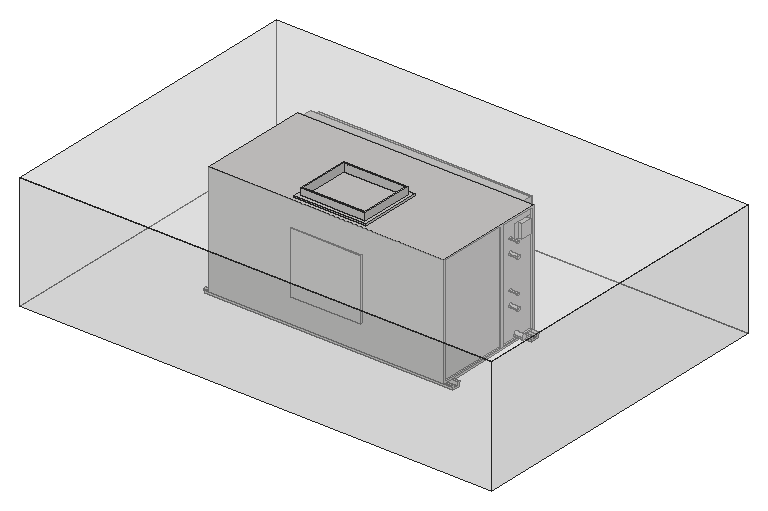
Revit family "outputfile", category 機械設備, Revit 2024
Family settings
  丸型コネクタ寸法 = 半径を使用
  パーツ タイプ = 標準
  OmniClass 番号 = 23.75.10.24.21.27.27
  OmniClass タイトル = Split System Air Conditioning Units
  作業面ベース = いいえ
  常に垂直 = はい
  ロード時にボイドで切り取り = いいえ
  注釈の向きを維持 = いいえ
  共有 = いいえ
  部屋計算ポイント = はい
Parameters (values of type "FBVN200H2BY1C")
  Description = ""
  書き出し IFC クラス(タイプ) = "IfcUnitaryEquipmentType"
  定義済み IFC タイプ(タイプ) = "AIRCONDITIONINGUNIT"
  Cost = 0
  Type Comments = ""
  Keynote = ""
  Type Image = (empty or 0)
  Assembly Code = ""
  switch_frequency = yes
  lw_power = 910 mm
  lw_frontpanel = 534 mm
  lw_box = 20 mm
  lw_RA = 865 mm
  lh_liquidpipe_2 = 738 mm
  lh_height_SA = 408 mm
  lh_ld_mountinghole_height = 35 mm
  lh_height_RA = 747 mm
  lh_hangerfixture = 35 mm
  lh_gaspipe_2 = 638 mm
  lh_frontpanel_bottom = 227 mm
  lh_frontpanel = 468 mm
  lh_box_top = 65 mm
  lh_box = 105 mm
  lh_SA = 945 mm
  lh_RA = 476.5 mm
  ld_void_top = if(Height = 1231 mm, 10 mm, 9 mm)  # 9 mm
  ld_void_right = if(Height = 1231 mm, 10 mm, 9 mm)  # 9 mm
  ld_void_middle = if(Height = 1231 mm, 10 mm, 18 mm)  # 18 mm
  ld_void_length = if(Height = 1231 mm, 680.2 mm, 535.5 mm)  # 535.5 mm
  ld_void_left = if(Height = 1231 mm, 10 mm, 9 mm)  # 9 mm
  ld_void_bottom = if(Height = 1231 mm, 10 mm, 6 mm)  # 6 mm
  ld_frontpanel = 19 mm
  ld_depth_SA = 264 mm
  ld_depth_RA = 130 mm
  ld_box_left = 687 mm
  ld_box = 144.4 mm
  connector_voltage = 0 V
  connector_powerinput = [Power Input (Cooling)]  # 19.700 kW
  connector_phase = 1
  製造元 = "Daikin"
  モデル = "FBVN200H2BY1C"
  w_pipe = 33 mm
  r_Liquid Pipe Size = Liquid Pipe Size / 2  # 6.35 mm
  r_Gas Pipe Size = Gas Pipe Size / 2  # 12.7 mm
  r_Drain Pipe Size = Drain Pipe Size / 2  # 17.0 mm
  lw_powersupply = lw_power  # 910 mm
  lw_width_RA = 1624 mm
  lw_width_SA = 474 mm
  lh_suctionflange [instance] = 100 mm
  ld_suctionflange [instance] = 190 mm
  ld_powersupply = 334 mm
  angle_vertical_RA [instance] = 90.00°
  angle horizontal_RA [instance] = 180.00°
  Voltage_comment_50Hz = "380 - 415"
  Voltage_50Hz = 400 V
  URL = ""
  Sound Power Level_H speed (dB) = 0
  Phase_50Hz = 3
  Minimum External Static Pressure = 0.00 Pa
  Minimum Circuit Amps_50Hz = 0.0 A
  Maximum Fuse Amps_50Hz = 0.0 A
  Maximum External Static Pressure = 150.00 Pa
  Material_Casing = DAIKIN_GalvanizedSteel_Casing_indoorunit
  lw_liquidpipe = 945.5 mm
  lw_gaspipe = 947 mm
  lw_mountinghole_pitch = 1854 mm
  lw_mountinghole = 1894 mm
  lw_drainpipe = 947 mm
  lh_powersupply = 715 mm
  lh_liquidpipe = 382 mm
  lh_gaspipe = 282 mm
  lh_mountinghole = 9 mm
  lh_drainpipe = 65 mm
  lh_antena = 877 mm
  ld_liquidpipe = 223 mm
  ld_gaspipe = 223 mm
  ld_mountinghole_pitch = 754.6 mm
  ld_drainpipe = 276 mm
  ld_controlbox = 626 mm
  h*** = 0 mm  # constant formula
  d_dischargeflange = 60 mm
  Width = 1794 mm
  Version = "ver.1.0"
  Unit Type = "Duct"
  Unit Mass Weight = 196.00 kg
  Unit Designation [instance] = ""
  Uniclass2015Version = "Products v1.30"
  Uniclass2015Title = "Split coil room air conditioning units"
  Uniclass2015Code = "Pr_70_65_03_86"
  Total Cooling Capacity [instance] = 0.000 kW
  Sound Pressure Level_M speed (dBA) = 0
  Sound Pressure Level_L speed (dBA) = 0
  Sound Pressure Level_H speed (dBA) = 61
  Series = "Package Aircon_Fan Coil Unit"
  Sensible Cooling Capacity [instance] = 0.000 kW
  SA Duct Size Width = 474 mm
  SA Duct Size Height = 408 mm
  Refrigerant Type = "R410A"
  RA Duct Size Width = 1624 mm
  RA Duct Size Height = 747 mm
  Power Input (Cooling) = 19.700 kW
  Option Accessory 3 [instance] = ""
  Option Accessory 2 [instance] = ""
  Option Accessory 1 [instance] = ""
  Nominal Cooling Capacity = 58.600 kW
  Minimum Airflow = 0.00 m³/h
  Median Airflow = 0.00 m³/h
  Maximum Airflow = 10194.00 m³/h
  Load Classification = HVAC
  Liquid Pipe Size = 12.7 mm
  Link_Nested Family [instance] = ""
  IfcVersion = ""
  IfcExportType = "AIRCONDITIONINGUNIT"
  IfcExportAs = "IfcUnitaryEquipmentType"
  Height = 885 mm
  Heat Exchanger Type = "Cross Fin Coil"
  Gas Pipe Size = 25.4 mm
  Frequency_50Hz = 50 Hz
  Fan Type = "Sirocco Fan"
  Fan Drive = "-"
  FCU Tag No. [instance] = ""
  Drain Pipe Size = 34.0 mm
  Design Supply Airflow [instance] = 0.00 m³/h
  Design Return Airflow [instance] = 0.00 m³/h
  Design External Static Pressure [instance] = 0.00 Pa
  Depth = 850 mm
  既定の高さ = 0 mm
  Cooling Entering Wet Bulb Temperature [instance] = 0.00 °C
  Cooling Entering Dry Bulb Temperature [instance] = 0.00 °C
  Cooling Ambient Wet Bulb Temperature [instance] = 0.00 °C
  Cooling Ambient Dry Bulb Temperature [instance] = 0.00 °C
  Clearance visibility [instance] = yes
  Clearance Top = 0 mm
  Clearance Right = 1000 mm
  Clearance Rear = 800 mm
  Clearance Left = 800 mm
  Clearance Front = 800 mm
  Clearance Bottom = 0 mm
Reference planes
  plane 1 "Center (Front/Back)": y = 0
  plane 2: z = 0
  plane 3 "Center (Left/Right)": x = 0
  plane 4 "Back": y = 425
  plane 5 "Front": y = -425
  plane 6 "Left": x = -897
  plane 7 "Right": x = 897
  plane 8 "Top": z = 0
  plane 9 "Bottom": z = -885
  plane 10: z = -503
  plane 11: z = -603
  plane 12: x = -927
  plane 13: x = 927
  plane 14: x = 945.5
  plane 15: x = 947
  plane 16: z = -876
  plane 17 "Clearance Left": x = -1697
  plane 18 "Clearance Right": x = 1897
  plane 19 "Clearance Rear": y = 1225
  plane 20 "Clearance Front": y = -1225
  plane 21 "Clearance Bottom": z = -885
  plane 22: z = -820
  plane 23 "ld_gas": y = 223
  plane 24: y = 223
  plane 25: y = -30
  plane 26: y = 276
  plane 27: y = 235
  plane 28: x = 947
  plane 29: y = 377.3
  plane 30: y = -377.3
  plane 31: y = -161
  plane 32: y = 555
  plane 33 "Clearance Top": z = 0
  plane 34: z = -170
  plane 35: y = 334
  plane 36 "hangerfixture": z = -850
  plane 37 "lh_SA": z = 60
  plane 38 "lh_RA": z = -408.5
  plane 39 "RA_center": x = -32
  plane 40: x = 883
  plane 41: x = 917
  plane 42: y = 262
  plane 43: y = 292
  plane 44: y = 376.4
  plane 45: y = 406.4
  plane 46 "box_bottom": z = -170
  plane 47 "box_top": z = -65
  plane 48: x = -267
  plane 49: x = 267
  plane 50: y = -434
  plane 51: y = -415
  plane 52 "lw_power": x = 910
  plane 53: z = -147
  plane 54: z = -247
  plane 55: z = -658
  plane 56: z = -190
  plane 57: y = -416
  plane 58: y = 119.5
  plane 59: y = 137.5
  plane 60: y = 416
  plane 61: z = -9
  plane 62: z = -844
  plane 63: x = 877
  plane 64: x = -877
Forms (mm)
  Extrusion 1, solid, material "DAIKIN_GalvanizedSteel_Casing_indoorunit" <- "Material_Casing"
    sketch origin (0, -0.8, 0) x (1, 0, 0) y (0, 1, 0)
      loop
        line (-897, -424.2) -> (897, -424.2) -> (897, 425.8) -> (-897, 425.8) -> (-897, -424.2)
    from -850 to 0
  Revolve 2, solid, material "DAIKIN_GalvanizedSteel_Casing_indoorunit" <- "Material_Casing"
    sketch origin (0, 0, -603) x (0, -1, 0) y (1, 0, 0)
      loop
        line (-210.3, 877) -> (-210.3, 947) -> (-223, 947) -> (-223, 877) -> (-210.3, 877)
      axis (-223, 877) -> (-223, 947)
    angle from 0 to 360
  Revolve 3, solid, material "DAIKIN_GalvanizedSteel_Casing_indoorunit" <- "Material_Casing"
    sketch origin (0, 0, -503) x (0, -1, 0) y (1, 0, 0)
      loop
        line (-223, 877) -> (-223, 945.5) -> (-229.35, 945.5) -> (-229.35, 877) -> (-223, 877)
      axis (-223, 945.5) -> (-223, 877)
    angle from 0 to 360
  Extrusion 4, solid, material "DAIKIN_GalvanizedSteel_Casing_indoorunit" <- "Material_Casing"
    sketch origin (0, 0, 0) x (0, 1, 0) y (0, 0, 1)
      loop
        circle (276, -820) r 17
    from 947 to 877
  Extrusion 5, solid, material "DAIKIN_GalvanizedSteel_Casing_indoorunit" <- "Material_Casing"
    sketch origin (0, 0, 0) x (1, 0, 0) y (0, 1, 0)
      loop
        line (877, 262) -> (883, 262) -> (883, 292) -> (917, 292) -> (917, 376.4) -> (883, 376.4) -> (883, 406.4) -> (877, 406.4) -> (877, 262)
    from -170 to -65
  Extrusion 6, solid, material "DAIKIN_GalvanizedSteel_Casing_indoorunit" <- "Material_Casing"
    sketch origin (0, 0, -885) x (-1, 0, 0) y (0, -1, 0)
      loop
        line (267, 415) -> (267, 434) -> (-267, 434) -> (-267, 415) -> (267, 415)
    from 227 to 695
  Revolve 7, solid, material "DAIKIN_GalvanizedSteel_Casing_indoorunit" <- "Material_Casing"
    sketch origin (0, 0, -247) x (0, -1, 0) y (1, 0, 0)
      loop
        line (-210.3, 877) -> (-210.3, 947) -> (-223, 947) -> (-223, 877) -> (-210.3, 877)
      axis (-223, 877) -> (-223, 947)
    angle from 0 to 360
  Revolve 8, solid, material "DAIKIN_GalvanizedSteel_Casing_indoorunit" <- "Material_Casing"
    sketch origin (0, 0, -147) x (0, -1, 0) y (1, 0, 0)
      loop
        line (-223, 877) -> (-223, 945.5) -> (-229.35, 945.5) -> (-229.35, 877) -> (-223, 877)
      axis (-223, 945.5) -> (-223, 877)
    angle from 0 to 360
  Extrusion 9, void
    sketch origin (897, 0, 0) x (0, 1, 0) y (0, 0, 1)
      loop
        line (-416, -9) -> (-416, -844) -> (119.5, -844) -> (119.5, -9) -> (-416, -9)
      loop
        line (137.5, -9) -> (137.5, -844) -> (416, -844) -> (416, -9) -> (137.5, -9)
    from 0 to -20
  Extrusion 10, void
    sketch origin (-897, 0, 0) x (0, 1, 0) y (0, 0, 1)
      loop
        line (-416, -9) -> (-416, -844) -> (119.5, -844) -> (119.5, -9) -> (-416, -9)
      loop
        line (137.5, -9) -> (137.5, -844) -> (416, -844) -> (416, -9) -> (137.5, -9)
    from 0 to 20
Cuts and joins
  Extrusion 9, Extrusion 10 cuts Extrusion 1
  Extrusion 9, Extrusion 10 cuts Extrusion 6
Dimensions and locks
  equal spacing: plane 12, plane 3 "Center (Left/Right)", plane 13
  "lw_mountinghole_pitch": plane 12 to plane 13
  "lh_liquidpipe": plane 10 to plane 9 "Bottom"
  "lh_gaspipe": plane 11 to plane 9 "Bottom"
  equal spacing: plane 6 "Left", plane 3 "Center (Left/Right)", plane 7 "Right"
  "Width": plane 6 "Left" to plane 7 "Right"
  "Clearance Right": plane 7 "Right" to plane 18 "Clearance Right"
  "Clearance Left": plane 17 "Clearance Left" to plane 6 "Left"
  "Clearance Rear": plane 19 "Clearance Rear" to plane 4 "Back"
  "Clearance Front": plane 5 "Front" to plane 20 "Clearance Front"
  "Depth": plane 4 "Back" to plane 5 "Front"
  equal spacing: plane 4 "Back", plane 1 "Center (Front/Back)", plane 5 "Front"
  "ld_suctionflange": plane 4 "Back" to plane 27
  "r_Liquid Pipe Size": nested 5 to Revolve 3 sketch curve
  equal spacing: plane 29, plane 1 "Center (Front/Back)", plane 30
  "ld_mountinghole_pitch": plane 29 to plane 30
  "lw_liquidpipe": plane 3 "Center (Left/Right)" to plane 14
  "lw_gaspipe": plane 3 "Center (Left/Right)" to plane 15
  "lw_drainpipe": plane 3 "Center (Left/Right)" to plane 28
  "lh_drainpipe": plane 22 to plane 9 "Bottom"
  "Clearance Top": plane 33 "Clearance Top" to plane 8 "Top"
  "Clearance Bottom": plane 9 "Bottom" to plane 21 "Clearance Bottom"
  "lh_powersupply": plane 34 to plane 9 "Bottom"
  plane 8 "Top" to level = 0 mm
  "lh_hangerfixture": plane 36 "hangerfixture" to plane 9 "Bottom"
  "lh_SA": plane 37 "lh_SA" to plane 9 "Bottom"
  "ld_depth_RA": plane 32 to plane 4 "Back"
  "lh_RA": plane 38 "lh_RA" to plane 9 "Bottom"
  "lw_RA": plane 6 "Left" to plane 39 "RA_center"
  "ld_box_left": plane 42 to plane 5 "Front"
  "ld_box": plane 45 to plane 42
  locked: plane 43 to plane 42 at 30
  locked: plane 45 to plane 44 at 30
  "lw_box": plane 7 "Right" to plane 41
  "lh_box_top": plane 8 "Top" to plane 47 "box_top"
  "lh_box": plane 47 "box_top" to plane 46 "box_bottom"
  equal spacing: plane 48, plane 3 "Center (Left/Right)", plane 49
  "lw_power": plane 3 "Center (Left/Right)" to plane 52 "lw_power"
  "lh_gaspipe_2": plane 54 to plane 9 "Bottom"
  "lh_liquidpipe_2": plane 53 to plane 9 "Bottom"
  "ld_powersupply": plane 1 "Center (Front/Back)" to plane 35
  "ld_drainpipe": plane 26 to plane 1 "Center (Front/Back)"
  "ld_gaspipe": plane 23 "ld_gas" to plane 1 "Center (Front/Back)"
  "r_Gas Pipe Size": plane 23 "ld_gas" to Revolve 7 sketch curve
  "r_Gas Pipe Size": plane 23 "ld_gas" to Revolve 2 sketch curve
  "r_Liquid Pipe Size": Revolve 8 sketch curve to plane 24
  "ld_liquidpipe": plane 24 to plane 1 "Center (Front/Back)"
  "ld_depth_SA": plane 31 to plane 5 "Front"
  "Height": plane 8 "Top" to plane 9 "Bottom"
  "lh_mountinghole": plane 16 to plane 9 "Bottom"
  "lw_frontpanel": plane 48 to plane 49
  "lh_frontpanel_bottom": plane 55 to plane 9 "Bottom"
  "lh_frontpanel": plane 56 to plane 55
  locked: plane 51 to plane 5 "Front" at 10
  "ld_frontpanel": plane 51 to plane 50
  "ld_void_top": plane 8 "Top" to plane 61
  "ld_void_left": plane 5 "Front" to plane 57
  "ld_void_right": plane 60 to plane 4 "Back"
  "ld_void_length": plane 57 to plane 58
  "ld_void_middle": plane 58 to plane 59
  "ld_void_bottom": plane 36 "hangerfixture" to plane 62
  locked: plane 6 "Left" to plane 64 at 20
  locked: plane 63 to plane 7 "Right" at 20
  "r_Drain Pipe Size": radius of Extrusion 4 sketch curve
  aligned and locked: level to plane 2
  aligned and locked: plane 8 "Top" to Extrusion 1
  aligned and locked: Revolve 2 sketch curve to Revolve 2 sketch curve
  aligned and locked: plane 14 to nested 5
  aligned and locked: nested 5 to plane 10
  aligned and locked: plane 13 to nested 2
  aligned and locked: plane 12 to nested 3
  aligned and locked: plane 12 to nested 4
  aligned and locked: nested 6 to plane 11
  aligned and locked: plane 23 "ld_gas" to nested 6
  aligned and locked: plane 24 to nested 5
  aligned and locked: Extrusion 4 sketch curve to plane 26
  aligned and locked: nested 10 to plane 19 "Clearance Rear"
  aligned and locked: nested 10 to plane 18 "Clearance Right"
  aligned and locked: nested 10 to plane 17 "Clearance Left"
  aligned and locked: nested 10 to plane 20 "Clearance Front"
  aligned and locked: plane 28 to Extrusion 4
  aligned and locked: plane 15 to nested 6  (x2)
  aligned and locked: plane 13 to nested 1
  aligned and locked: plane 26 to nested 7
  aligned and locked: nested 7 to plane 22
  aligned and locked: nested 7 to plane 28
  aligned and locked: plane 29 to nested 1
  aligned and locked: plane 30 to nested 2
  aligned and locked: nested 4 to plane 29
  aligned and locked: nested 3 to plane 30
  aligned and locked: nested 9 to plane 4 "Back"
  aligned and locked: plane 32 to nested 13
  aligned and locked: plane 3 "Center (Left/Right)" to nested 12
  aligned and locked: nested 10 to plane 33 "Clearance Top"
  aligned and locked: nested 10 to plane 21 "Clearance Bottom"
  aligned and locked: nested 11 to plane 9 "Bottom"
  aligned and locked: plane 36 "hangerfixture" to Extrusion 1
  aligned and locked: Extrusion 1 to plane 5 "Front"
  aligned and locked: Extrusion 1 to plane 4 "Back"
  aligned and locked: plane 38 "lh_RA" to nested 9
  aligned and locked: nested 13 to plane 38 "lh_RA"
  aligned and locked: plane 39 "RA_center" to nested 9
  aligned and locked: nested 13 to plane 39 "RA_center"
  aligned and locked: plane 45 to Extrusion 5 sketch curve
  aligned and locked: plane 41 to Extrusion 5 sketch curve
  aligned and locked: Extrusion 5 sketch curve to plane 42
  aligned and locked: plane 47 "box_top" to Extrusion 5
  aligned and locked: Extrusion 5 to plane 46 "box_bottom"
  aligned and locked: Extrusion 6 sketch curve to plane 51
  aligned and locked: Extrusion 6 sketch curve to plane 48
  aligned and locked: plane 50 to Extrusion 6 sketch curve
  aligned and locked: plane 49 to Extrusion 6 sketch curve
  aligned and locked: Revolve 7 sketch curve to Revolve 7 sketch curve
  aligned and locked: nested 15 to plane 53
  aligned and locked: nested 16 to plane 54
  aligned and locked: Revolve 8 to plane 14
  aligned and locked: plane 14 to nested 15
  aligned and locked: nested 14 to plane 35
  aligned and locked: Revolve 2 sketch curve to plane 23 "ld_gas"
  aligned and locked: plane 23 "ld_gas" to nested 16
  aligned and locked: plane 24 to nested 15
  aligned and locked: plane 37 "lh_SA" to nested 12
  aligned and locked: plane 37 "lh_SA" to nested 8
  aligned and locked: plane 31 to nested 12
  aligned and locked: plane 31 to nested 8
  aligned and locked: plane 40 to Extrusion 5 sketch curve
  aligned and locked: Extrusion 5 sketch curve to plane 43
  aligned and locked: Extrusion 5 sketch curve to plane 44
  aligned and locked: Extrusion 5 sketch curve to plane 40
  aligned and locked: nested 14 to plane 52 "lw_power"
  aligned and locked: nested 14 to plane 34
  aligned and locked: plane 55 to Extrusion 6
  aligned and locked: plane 56 to Extrusion 6
  aligned and locked: plane 15 to Revolve 7
  aligned and locked: plane 15 to Revolve 2
  aligned and locked: Extrusion 9 sketch curve to plane 61  (x2)
  aligned and locked: plane 57 to Extrusion 9 sketch curve
  aligned and locked: plane 62 to Extrusion 9 sketch curve  (x2)
  aligned and locked: Extrusion 9 sketch curve to plane 58
  aligned and locked: plane 59 to Extrusion 9 sketch curve
  aligned and locked: Extrusion 9 sketch curve to plane 60
  aligned and locked: cut or joined group of Extrusion 1, Extrusion 9, Extrusion 10 to Revolve 8
  aligned and locked: Revolve 7 to cut or joined group of Extrusion 1, Extrusion 9, Extrusion 10
  aligned and locked: cut or joined group of Extrusion 1, Extrusion 9, Extrusion 10 to Revolve 3
  aligned and locked: Revolve 2 to cut or joined group of Extrusion 1, Extrusion 9, Extrusion 10
  aligned and locked: cut or joined group of Extrusion 1, Extrusion 9, Extrusion 10 to plane 63
  aligned and locked: Revolve 8 to plane 63  (x2)
  aligned and locked: plane 63 to Revolve 7  (x2)
  aligned and locked: Extrusion 4 to plane 63
  aligned and locked: Extrusion 5 to plane 63
  aligned and locked: Extrusion 10 sketch curve to cut or joined group of Extrusion 1, Extrusion 9, Extrusion 10  (x8)
  aligned and locked: plane 64 to cut or joined group of Extrusion 1, Extrusion 9, Extrusion 10
Automatic sketch dimensions
  Extrusion 1 sketch curve to plane 4 "Back" = 0 mm
  Extrusion 1 sketch curve to plane 6 "Left" = 0 mm
  Extrusion 1 sketch curve to plane 5 "Front" = 0 mm
  Extrusion 1 sketch curve to plane 7 "Right" = 0 mm
  Revolve 3 sketch curve to plane 23 "ld_gas" = 0 mm  (x2)
  Revolve 3 sketch curve to plane 14 = 0 mm  (x2)
  Revolve 3 sketch curve to plane 7 "Right" = 20 mm
  plane 7 "Right" to Revolve 3 sketch curve = 15 mm
  Extrusion 4 sketch curve to plane 22 = 0 mm
  Revolve 8 sketch curve to plane 23 "ld_gas" = 0 mm  (x2)
  Revolve 8 sketch curve to plane 14 = 0 mm  (x2)
  Revolve 8 sketch curve to plane 7 "Right" = 20 mm
  plane 7 "Right" to Revolve 8 sketch curve = 15 mm
  Revolve 2 sketch curve to plane 63 = 0 mm
  plane 14 to Revolve 2 sketch curve = 1.5 mm
  Revolve 2 sketch curve to plane 52 "lw_power" = 0.997 mm
  Revolve 2 sketch curve to Revolve 2 sketch curve = 0.497 mm
  Extrusion 5 sketch curve to plane 63 = 0 mm
  Revolve 7 sketch curve to plane 23 "ld_gas" = 0 mm
  Revolve 7 sketch curve to plane 63 = 0 mm
  plane 14 to Revolve 7 sketch curve = 1.5 mm
  Revolve 7 sketch curve to plane 52 "lw_power" = 0.997 mm
  Revolve 7 sketch curve to Revolve 7 sketch curve = 0.497 mm
Nested families
  nested 1: "daikin_mountinghole" at (927, 377.3, -885), Link_Nested Family <- "Link_Nested Family", h_mountinghole <- "lh_mountinghole", l_antenna <- "lh_antena", type "daikin_mountinghole"
    with show yes, l_antenna 877 mm, h_mountinghole 9 mm, Link_Nested Family "", d_circle 23 mm
  nested 2: "daikin_mountinghole" at (927, -377.3, -885), Link_Nested Family <- "Link_Nested Family", h_mountinghole <- "lh_mountinghole", l_antenna <- "lh_antena", type "daikin_mountinghole"
    with show yes, l_antenna 877 mm, h_mountinghole 9 mm, Link_Nested Family "", d_circle 23 mm
  nested 3: "daikin_mountinghole" at (-927, -377.3, -885), Link_Nested Family <- "Link_Nested Family", h_mountinghole <- "lh_mountinghole", l_antenna <- "lh_antena", type "daikin_mountinghole"
    with show yes, l_antenna 877 mm, h_mountinghole 9 mm, Link_Nested Family "", d_circle 23 mm
  nested 4: "daikin_mountinghole" at (-927, 377.3, -885), Link_Nested Family <- "Link_Nested Family", h_mountinghole <- "lh_mountinghole", l_antenna <- "lh_antena", type "daikin_mountinghole"
    with show yes, l_antenna 877 mm, h_mountinghole 9 mm, Link_Nested Family "", d_circle 23 mm
  nested 5: "daikin_connector_rotate2" at (0, 223, -503) x (0, 1, 0) z (0, 0, 1), length <- "lw_liquidpipe", built-in parameter 1001364 <- "lh_liquidpipe", radius <- "r_Liquid Pipe Size", type "daikin_connector_rotate2"
    with radius 6.35 mm, length 945.5 mm, angle_vertical 90.00°
  nested 6: "daikin_connector_rotate2" at (0, 223, -603) x (0, 1, 0) z (0, 0, 1), length <- "lw_gaspipe", built-in parameter 1001364 <- "lh_gaspipe", radius <- "r_Gas Pipe Size", type "daikin_connector_rotate2"
    with radius 12.7 mm, length 947 mm, angle_vertical 90.00°
  nested 7: "daikin_connector_rotate2" at (0, 276, -820) x (0, 1, 0) z (0, 0, 1), built-in parameter 1001364 <- "lh_drainpipe", length <- "lw_drainpipe", radius <- "r_Drain Pipe Size", type "daikin_connector_rotate2"
    with radius 17 mm, length 947 mm, angle_vertical 90.00°
  nested 8: "daikin_connector_rotate2" at (0, -161, 0) x (1, 0, 0) z (0, 1, 0), length <- "d_dischargeflange", type "daikin_connector_rotate2"
    with radius 10 mm, length 60 mm, angle_vertical 90.00°
  nested 9: "daikin_ductflange_FBVN-H2BY1C" at (-32, 425, -408.5), material <- "Material_Casing", width <- "lw_width_RA", height <- "lh_height_RA", depth <- "ld_depth_RA", type "daikin_ductflange_FBVN-H2BY1C"
    with y 26 mm, x 20 mm, width 1624 mm, t 90 mm, material DAIKIN_GalvanizedSteel_Casing_indoorunit, height 747 mm, depth 130 mm
  nested 10: "daikin_clearancespace" at (100, 0, -442.381), visible <- "Clearance visibility", show <- "Clearance visibility", Link_Nested Family <- "Link_Nested Family", type "daikin_clearancespace"
    with width 3594 mm, show yes, height 885 mm, depth 2450 mm, Link_Nested Family ""
  nested 11: "daikin_hangerfixture_FBVN-H2BY1C" at (0, 0, -885), type "daikin_hangerfixture_FBVN-H2BY1C"
  nested 12: "daikin_ductflange_FBVN-H2BY1C-1" at (0, -350.401, 0) x (1, 0, 0) z (0, 1, 0), width <- "lw_width_SA", material <- "Material_Casing", height <- "lh_height_SA", depth <- "d_dischargeflange", type "daikin_ductflange_FBVN-H2BY1C-1"
    with y 30 mm, x 30 mm, width 474 mm, t 10 mm, material DAIKIN_GalvanizedSteel_Casing_indoorunit, height 408 mm, depth 60 mm
  nested 13: "daikin_connector_rotate2" at (-32, 425, -408.5) x (-1, 0, 0) z (0, 0, 1), length <- "ld_depth_RA", type "daikin_connector_rotate2"
    with radius 10 mm, length 130 mm, angle_vertical 90.00°
  nested 14: "daikin_connector_rotate2" at (910, 334, -65) x (0, 1, 0) z (1, 0, 0), length <- "lh_box", type "daikin_connector_rotate2"
    with radius 10 mm, length 105 mm, angle_vertical 90.00°
  nested 15: "daikin_connector_rotate2" at (0, 223, -147) x (0, 1, 0) z (0, 0, 1), length <- "lw_liquidpipe", built-in parameter 1001364 <- "lh_liquidpipe", radius <- "r_Liquid Pipe Size", type "daikin_connector_rotate2"
    with radius 6.35 mm, length 945.5 mm, angle_vertical 90.00°
  nested 16: "daikin_connector_rotate2" at (0, 223, -247) x (0, 1, 0) z (0, 0, 1), length <- "lw_gaspipe", built-in parameter 1001364 <- "lh_gaspipe", radius <- "r_Gas Pipe Size", type "daikin_connector_rotate2"
    with radius 12.7 mm, length 947 mm, angle_vertical 90.00°
Connectors
  piping at (947, 223, -603), diameter 25.4, driven by "r_Gas Pipe Size"
    settings: on nested 6, index 1, connector inside diameter 609.6 mm, connector length 0 mm, flow factor 0, pipe flow 0.00 m³/h, pressure drop 0.0 Pa, fitting loss kfactor 0, connector angle 0.00°, fixture units 0, engagement length 0 mm, angle of deflection 0.00°, flow configuration 1, flow direction 2, fitting loss method 0, system type 29, joint type 0, gender type 0, connector reference index -1, connector utility 0, adjustable connector no, is connector primary yes, connector description "Refrigerant Gas Piping"
  piping at (945.5, 223, -503), diameter 12.7, driven by "r_Liquid Pipe Size"
    settings: on nested 5, index 2, connector inside diameter 609.6 mm, connector length 0 mm, flow factor 0, pipe flow 0.00 m³/h, pressure drop 0.0 Pa, fitting loss kfactor 0, connector angle 0.00°, fixture units 0, engagement length 0 mm, angle of deflection 0.00°, flow configuration 1, flow direction 1, fitting loss method 0, system type 29, joint type 0, gender type 0, connector reference index -1, connector utility 0, adjustable connector no, is connector primary no, connector description "Refrigerant Liquid Piping"
  piping at (947, 276, -820), diameter 34, driven by "r_Drain Pipe Size"
    settings: on nested 7, index 3, connector inside diameter 609.6 mm, connector length 0 mm, flow factor 0, pipe flow 0.00 m³/h, pressure drop 0.0 Pa, fitting loss kfactor 0, connector angle 0.00°, fixture units 0, engagement length 0 mm, angle of deflection 0.00°, flow configuration 1, flow direction 2, fitting loss method 4, system type 16, joint type 0, gender type 0, connector reference index -1, connector utility 0, adjustable connector no, is connector primary no, connector description "Condensate Drain Piping"
  hvac at (0, -161, 60), driven by "SA Duct Size Height", driven by "SA Duct Size Width"
    settings: on nested 8, index 7, duct flow 0.00 m³/h, flow factor 0, pres drop 0.00 Pa, loss coef 0, conn angle 0.00°, conn width 474.0 mm, conn height 408.0 mm, conn diameter 609.6 mm, duct sys type 1, conn prof type 1, flow config 0, flow direction 2, loss method 4, conn ref index -1, conn util no, is conn primary yes, conn desc "SA Duct"
  hvac at (-32, 555, -408.5), driven by "RA Duct Size Width", driven by "RA Duct Size Height"
    settings: on nested 13, index 8, duct flow 0.00 m³/h, flow factor 0, pres drop 0.00 Pa, loss coef 0, conn angle 0.00°, conn width 1624.0 mm, conn height 747.0 mm, conn diameter 609.6 mm, duct sys type 2, conn prof type 1, flow config 0, flow direction 1, loss method 4, conn ref index -1, conn util no, is conn primary no, conn desc "RA Duct"
  electrical at (910, 334, -170), driven by "Load Classification", driven by "connector_phase", driven by "connector_powerinput", driven by "connector_voltage"
    settings: on nested 14, index 9, voltage 0 V, apparent load 19700 VA, apparent load phase1 0 VA, apparent load phase2 0 VA, apparent load phase3 0 VA, power factor 1, load classification "HVAC", number of poles 1, system type 30, power factor state 1, is connector primary yes, connector utility no, sub classification motor no, connector description "Power Supply"
  piping at (947, 223, -247), diameter 25.4, driven by "r_Gas Pipe Size"
    settings: on nested 16, index 10, connector inside diameter 609.6 mm, connector length 0 mm, flow factor 0, pipe flow 0.00 m³/h, pressure drop 0.0 Pa, fitting loss kfactor 0, connector angle 0.00°, fixture units 0, engagement length 0 mm, angle of deflection 0.00°, flow configuration 1, flow direction 2, fitting loss method 0, system type 29, joint type 0, gender type 0, connector reference index -1, connector utility 0, adjustable connector no, is connector primary no, connector description "Refrigerant Gas Piping"
  piping at (945.5, 223, -147), diameter 12.7, driven by "r_Liquid Pipe Size"
    settings: on nested 15, index 11, connector inside diameter 609.6 mm, connector length 0 mm, flow factor 0, pipe flow 0.00 m³/h, pressure drop 0.0 Pa, fitting loss kfactor 0, connector angle 0.00°, fixture units 0, engagement length 0 mm, angle of deflection 0.00°, flow configuration 1, flow direction 1, fitting loss method 0, system type 29, joint type 0, gender type 0, connector reference index -1, connector utility 0, adjustable connector no, is connector primary no, connector description "Refrigerant Liquid Piping"
Definition of nested family "daikin_ductflange_FBVN-H2BY1C"
  Parameters (values of type "daikin_ductflange_2FGN-HYL")
    y [instance] = if(height = 1073 mm, 15 mm, 26 mm)  # 26 mm
    x [instance] = if(height = 1073 mm, 6.5 mm, 20 mm)  # 20 mm
    width [instance] = 1636 mm
    t [instance] = if(height = 1073 mm, 80 mm, 90 mm)  # 90 mm
    material [instance] = none
    height [instance] = 747 mm
    depth [instance] = 130 mm
    Default Elevation = 0 mm
  Reference planes
    plane 1 "Center (Front/Back)": y = 0
    plane 2: z = 0
    plane 3 "Center (Left/Right)": x = 0
    plane 4: x = -818
    plane 5: x = 818
    plane 6: z = 373.5
    plane 7: z = -373.5
    plane 8: y = 90
    plane 9: y = 130
    plane 10: x = -813
    plane 11: x = 813
    plane 12: z = -368.5
    plane 13: z = 368.5
    plane 14: x = -844
    plane 15: x = 844
    plane 16: z = 393.5
    plane 17: z = -393.5
  Forms (mm)
    Extrusion 1, solid, material <- "material"
      sketch origin (0, 0, 0) x (1, 0, 0) y (0, 0, 1)
        loop
          line (-844, 393.5) -> (-844, -393.5) -> (844, -393.5) -> (844, 393.5) -> (-844, 393.5)
        loop
          line (-813, 368.5) -> (-813, -368.5) -> (813, -368.5) -> (813, 368.5) -> (-813, 368.5)
      from 0 to -90
    Extrusion 2, solid, material <- "material"
      sketch origin (0, 0, 0) x (1, 0, 0) y (0, 0, 1)
        loop
          line (-818, 373.5) -> (-818, -373.5) -> (818, -373.5) -> (818, 373.5) -> (-818, 373.5)
        loop
          line (813, 368.5) -> (-813, 368.5) -> (-813, -368.5) -> (813, -368.5) -> (813, 368.5)
      from -130 to -90
  Cuts and joins
    joined: Extrusion 1, Extrusion 2
  Dimensions and locks
    equal spacing: plane 5, plane 3 "Center (Left/Right)", plane 4
    "width": plane 5 to plane 4
    equal spacing: plane 6, level, plane 7
    "height": plane 6 to plane 7
    "t": plane 1 "Center (Front/Back)" to plane 8
    "depth": plane 1 "Center (Front/Back)" to plane 9
    plane 6 to plane 13 = 5 mm
    plane 12 to plane 7 = 5 mm
    plane 5 to plane 11 = 5 mm
    plane 10 to plane 4 = 5 mm
    "y": plane 4 to plane 14
    "y": plane 15 to plane 5
    locked: plane 16 to plane 6 at 20
    "x": plane 7 to plane 17
    aligned and locked: level to plane 2
    aligned and locked: Extrusion 1 to plane 8
    aligned and locked: plane 1 "Center (Front/Back)" to Extrusion 1
    aligned and locked: Extrusion 2 to plane 9
    aligned and locked: Extrusion 2 to Extrusion 1
    aligned and locked: plane 13 to Extrusion 2 sketch curve
    aligned and locked: plane 11 to Extrusion 2 sketch curve
    aligned and locked: Extrusion 2 sketch curve to plane 12
    aligned and locked: Extrusion 2 sketch curve to plane 10
    aligned and locked: Extrusion 1 sketch curve to plane 16
    aligned and locked: plane 14 to Extrusion 1 sketch curve
    aligned and locked: plane 17 to Extrusion 1 sketch curve
    aligned and locked: Extrusion 1 sketch curve to plane 15
  Automatic sketch dimensions
    Extrusion 2 sketch curve to plane 4 = 0 mm
    Extrusion 2 sketch curve to plane 5 = 0 mm
    Extrusion 2 sketch curve to plane 7 = 0 mm
    Extrusion 2 sketch curve to plane 6 = 0 mm
    plane 4 to Extrusion 1 sketch curve = 5 mm
    Extrusion 1 sketch curve to plane 5 = 5 mm
    plane 7 to Extrusion 1 sketch curve = 5 mm
    Extrusion 1 sketch curve to plane 6 = 5 mm
Definition of nested family "daikin_clearancespace"
  Parameters (values of type "daikin_clearancespace")
    Description = "daikin_clearancespace"
    width [instance] = 1823.963 mm
    show [instance] = yes
    material = none
    height [instance] = 1359.762 mm
    depth [instance] = 880 mm
    Default Elevation = 0 mm
    Link_Nested Family [instance] = ""
  Reference planes
    plane 1 "Center (Front/Back)": y = 0
    plane 2 "Center (Elevation)": z = -0.119
    plane 3 "Center (Left/Right)": x = 0
    plane 4: y = 440
    plane 5: y = -440
    plane 6 "Right": x = 911.982
    plane 7 "Left": x = -911.982
    plane 8 "Top": z = 679.762
    plane 9 "Bottom": z = -680
  Forms (mm)
    Extrusion 1, solid, material <- "material", visible <- "show"
      sketch origin (0, 0, 0) x (1, 0, 0) y (0, 1, 0)
        loop
          line (-911.982, 440) -> (-911.982, -440) -> (911.982, -440) -> (911.982, 440) -> (-911.982, 440)
      from -680 to 679.762
  Lines and regions (mm)
    symbolic lines, visible <- "show"
      curve 1: line (911.982, 440, 0) -> (-911.982, 440, 0)
      curve 2: line (-911.982, 440, 0) -> (-911.982, -440, 0)
      curve 3: line (-911.982, -440, 0) -> (911.982, -440, 0)
      curve 4: line (911.982, -440, 0) -> (911.982, 440, 0)
      curve 5: line (911.982, 0, 679.762) -> (-911.982, 0, 679.762)
      curve 6: line (911.982, 0, -680) -> (911.982, 0, 679.762)
      curve 7: line (-911.982, 0, -680) -> (911.982, 0, -680)
      curve 8: line (-911.982, 0, 679.762) -> (-911.982, 0, -680)
      curve 9: line (0, 440, 679.762) -> (0, -440, 679.762)
      curve 10: line (0, -440, 679.762) -> (0, -440, -680)
      curve 11: line (0, 440, -680) -> (0, 440, 679.762)
      curve 12: line (0, -440, -680) -> (0, 440, -680)
  Dimensions and locks
    "width": plane 7 "Left" to plane 6 "Right"
    "depth": plane 4 to plane 5
    "height": plane 8 "Top" to plane 9 "Bottom"
    equal spacing: plane 7 "Left", plane 3 "Center (Left/Right)", plane 6 "Right"
    equal spacing: plane 4, plane 1 "Center (Front/Back)", plane 5
    equal spacing: plane 8 "Top", plane 2 "Center (Elevation)", plane 9 "Bottom"
    aligned and locked: level to plane 2 "Center (Elevation)"
    aligned and locked: Extrusion 1 sketch curve to plane 4
    aligned and locked: plane 7 "Left" to Extrusion 1 sketch curve
    aligned and locked: Extrusion 1 sketch curve to plane 5
    aligned and locked: Extrusion 1 sketch curve to plane 6 "Right"
    aligned and locked: plane 8 "Top" to Extrusion 1
    aligned and locked: curve 1 to Extrusion 1
    aligned and locked: curve 2 to Extrusion 1
    aligned and locked: curve 3 to Extrusion 1
    aligned and locked: curve 4 to Extrusion 1
    aligned and locked: curve 5 to Extrusion 1
    aligned and locked: curve 6 to Extrusion 1
    aligned and locked: curve 7 to Extrusion 1
    aligned and locked: curve 8 to Extrusion 1
    aligned and locked: curve 9 to Extrusion 1
    aligned and locked: curve 10 to Extrusion 1
    aligned and locked: curve 11 to Extrusion 1
    aligned and locked: curve 12 to Extrusion 1
    aligned and locked: Extrusion 1 to plane 9 "Bottom"
Definition of nested family "daikin_hangerfixture_FBVN-H2BY1C"
  Parameters (values of type "daikin_hangerfixture_FBVN-H2BY1C")
    width = 1854 mm
    material = none
    height = 35 mm
    e = 40 mm
    depth = 754.6 mm
    Default Elevation = 0 mm
    Heigh = 885 mm
    G = 1894 mm
    E = 50 mm
    250/300 = Heigh = 1231 mm  # no
    200 = Heigh = 885 mm  # yes
  Reference planes
    plane 1 "Center (Front/Back)": y = 0
    plane 2: z = 0
    plane 3 "Center (Left/Right)": x = 0
    plane 4: x = 927
    plane 5: x = -927
    plane 6: z = 35
    plane 7: y = 377.3
    plane 8: y = -377.3
    plane 9: x = -947
    plane 10: x = 947
    plane 11: y = 417.3
    plane 12: y = -417.3
    plane 13: x = -897
    plane 14: x = 897
  Forms (mm)
    Extrusion 1, solid, visible <- "200"
      sketch origin (0, 0, 0) x (0, 1, 0) y (0, 0, 1)
        loop
          line (-417.3, 35) -> (-417.3, 26) -> (-406.3, 26) -> (-406.3, 0) -> (-348.3, 0) -> (-348.3, 26) -> (-337.3, 26) -> (-337.3, 35) -> (-357.3, 35) -> (-357.3, 9) -> (-397.3, 9) -> (-397.3, 35) -> (-417.3, 35)
        loop
          line (417.3, 35) -> (397.3, 35) -> (397.3, 9) -> (357.3, 9) -> (357.3, 35) -> (337.3, 35) -> (337.3, 26) -> (348.3, 26) -> (348.3, 0) -> (406.3, 0) -> (406.3, 26) -> (417.3, 26) -> (417.3, 35)
      from -947 to 947
    Extrusion 2, void
      sketch origin (0, 0, 0) x (1, 0, 0) y (0, 1, 0)
        loop
          circle (-927, 377.3) r 13
        loop
          circle (-927, -377.3) r 13
        loop
          circle (927, -377.3) r 13
        loop
          circle (927, 377.3) r 13
      from 0 to 9
    Extrusion 3, solid, material <- "material", visible <- "200"
      sketch origin (0, 0, 0) x (0, 1, 0) y (0, 0, 1)
        loop
          line (-337.3, 35) -> (-337.3, 26) -> (337.3, 26) -> (337.3, 35) -> (-337.3, 35)
      from -897 to 897
    Extrusion 4, solid, material <- "material", visible <- "250/300"
      sketch origin (0, 0, 0) x (0, 1, 0) y (0, 0, 1)
        loop
          line (-403.16, 30) -> (-390.23, 30) -> (-390.23, 0) -> (-364.37, 0) -> (-364.37, 30) -> (-353.749, 30) -> (-353.749, 35) -> (-369.37, 35) -> (-369.37, 5) -> (-385.23, 5) -> (-385.23, 35) -> (-403.16, 35) -> (-403.16, 30)
        loop
          line (403.16, 35) -> (385.23, 35) -> (385.23, 5) -> (369.37, 5) -> (369.37, 35) -> (353.749, 35) -> (353.749, 30) -> (364.37, 30) -> (364.37, 0) -> (390.23, 0) -> (390.23, 30) -> (403.16, 30) -> (403.16, 35)
      from -947 to 947
    Extrusion 5, void
      sketch origin (0, 0, 0) x (1, 0, 0) y (0, 1, 0)
        loop
          circle (927, 377.3) r 7.5
        loop
          circle (927, -377.3) r 7.5
        loop
          circle (-927, 377.3) r 7.5
        loop
          circle (-927, -377.3) r 7.5
      from 0 to 618
  Cuts and joins
    Extrusion 2 cuts Extrusion 1
    Extrusion 5 cuts Extrusion 4
  Dimensions and locks
    "width": plane 5 to plane 4
    equal spacing: plane 5, plane 3 "Center (Left/Right)", plane 4
    "depth": plane 8 to plane 7
    equal spacing: plane 8, plane 1 "Center (Front/Back)", plane 7
    "height": plane 6 to level
    "e": plane 7 to plane 11
    "e": plane 12 to plane 8
    equal spacing: plane 9, plane 3 "Center (Left/Right)", plane 10
    "G": plane 9 to plane 10
    locked: plane 9 to plane 13 at 50
    locked: plane 14 to plane 10 at 50
    aligned and locked: level to plane 2
    aligned and locked: Extrusion 1 to plane 9
    aligned and locked: plane 10 to Extrusion 1
    aligned and locked: plane 7 to Extrusion 2 sketch curve  (x2)
    aligned and locked: plane 5 to Extrusion 2 sketch curve  (x2)
    aligned and locked: plane 8 to Extrusion 2 sketch curve  (x2)
    aligned and locked: plane 4 to Extrusion 2 sketch curve  (x2)
    aligned and locked: Extrusion 3 sketch curve to cut or joined group of Extrusion 1, Extrusion 2  (x4)
    aligned and locked: Extrusion 3 to plane 13
    aligned and locked: plane 14 to Extrusion 3
    aligned and locked: Extrusion 4 to plane 9
    aligned and locked: plane 10 to Extrusion 4
    aligned and locked: plane 5 to Extrusion 5 sketch curve  (x2)
    aligned and locked: plane 7 to Extrusion 5 sketch curve  (x2)
    aligned and locked: plane 8 to Extrusion 5 sketch curve  (x2)
    aligned and locked: plane 4 to Extrusion 5 sketch curve  (x2)
  Automatic sketch dimensions
    Extrusion 1 sketch curve to plane 6 = 0 mm  (x4)
    Extrusion 1 sketch curve to plane 12 = 0 mm
    Extrusion 1 sketch curve to level = 0 mm  (x2)
    Extrusion 1 sketch curve to plane 11 = 0 mm
    Extrusion 1 sketch curve to plane 12 = 11 mm
    Extrusion 1 sketch curve to Extrusion 1 sketch curve = 9 mm  (x5)
    level to Extrusion 1 sketch curve = 9 mm  (x2)
    Extrusion 1 sketch curve to plane 8 = 20 mm
    Extrusion 1 sketch curve to Extrusion 1 sketch curve = 11 mm  (x2)
    plane 7 to Extrusion 1 sketch curve = 40 mm
    Extrusion 1 sketch curve to Extrusion 1 sketch curve = 20 mm
    plane 11 to Extrusion 1 sketch curve = 11 mm
    Extrusion 1 sketch curve to plane 6 = 9 mm  (x2)
    Extrusion 4 sketch curve to plane 6 = 0 mm  (x4)
    Extrusion 4 sketch curve to level = 0 mm  (x2)
    Extrusion 4 sketch curve to plane 12 = 14.14 mm
    plane 8 to Extrusion 4 sketch curve = 12.93 mm
    Extrusion 4 sketch curve to Extrusion 4 sketch curve = 5 mm  (x4)
    Extrusion 4 sketch curve to plane 8 = 7.93 mm
    Extrusion 4 sketch curve to plane 6 = 5 mm  (x4)
    Extrusion 4 sketch curve to Extrusion 4 sketch curve = 10.621 mm  (x2)
    plane 7 to Extrusion 4 sketch curve = 23.551 mm
    Extrusion 4 sketch curve to plane 7 = 7.93 mm
    Extrusion 4 sketch curve to Extrusion 4 sketch curve = 12.93 mm
    level to Extrusion 4 sketch curve = 5 mm  (x2)
    radius of Extrusion 2 sketch curve = 13 mm  (x4)
    radius of Extrusion 5 sketch curve = 7.5 mm  (x4)
Definition of nested family "daikin_ductflange_FBVN-H2BY1C-1"
  Parameters (values of type "daikin_ductflange_2FGN-HYL_1")
    y [instance] = if(height = 408 mm, 30 mm, 50 mm)  # 30 mm
    x [instance] = if(height = 408 mm, 30 mm, 40 mm)  # 30 mm
    width [instance] = 474 mm
    t [instance] = 10 mm
    material [instance] = none
    height [instance] = 408 mm
    depth [instance] = 60 mm
    Default Elevation = 0 mm
  Reference planes
    plane 1 "Center (Front/Back)": y = 0
    plane 2: z = 189.401
    plane 3 "Center (Left/Right)": x = 0
    plane 4: y = 0
    plane 5: y = -60
    plane 6: y = -10
    plane 7: z = 393.401
    plane 8: z = -14.599
    plane 9: x = -237
    plane 10: x = 237
    plane 11: x = -247
    plane 12: x = 247
    plane 13: z = 383.401
    plane 14: z = -4.599
    plane 15: x = -277
    plane 16: z = 423.401
    plane 17: z = -44.599
    plane 18: x = 277
  Forms (mm)
    Extrusion 1, solid, material <- "material"
      sketch origin (0, 0, 0) x (1, 0, 0) y (0, 0, 1)
        loop
          line (-247, 393.401) -> (-247, -14.599) -> (247, -14.599) -> (247, 393.401) -> (-247, 393.401)
        loop
          line (-237, 383.401) -> (-237, -4.599) -> (237, -4.599) -> (237, 383.401) -> (-237, 383.401)
      from 10 to 60
    Extrusion 2, solid, material <- "material"
      sketch origin (0, 0, 0) x (1, 0, 0) y (0, 0, 1)
        loop
          line (-277, 423.401) -> (-277, -44.599) -> (277, -44.599) -> (277, 423.401) -> (-277, 423.401)
        loop
          line (-237, 383.401) -> (-237, -4.599) -> (237, -4.599) -> (237, 383.401) -> (-237, 383.401)
      from 0 to 10
  Cuts and joins
    joined: Extrusion 1, Extrusion 2
  Dimensions and locks
    plane 4 to plane 1 "Center (Front/Back)" = 0 mm
    "depth": plane 5 to plane 4
    plane 6 to plane 4 = 10 mm
    equal spacing: plane 7, level, plane 8
    "height": plane 7 to plane 8
    equal spacing: plane 10, plane 3 "Center (Left/Right)", plane 9
    "t": plane 9 to plane 11
    "t": plane 12 to plane 10
    "t": plane 7 to plane 13
    "t": plane 14 to plane 8
    "y": plane 11 to plane 15
    "y": plane 18 to plane 12
    "x": plane 16 to plane 7
    "x": plane 8 to plane 17
    "width": plane 10 to plane 9
    aligned and locked: level to plane 2
    aligned and locked: Extrusion 1 sketch curve to plane 7
    aligned and locked: plane 11 to Extrusion 1 sketch curve
    aligned and locked: plane 8 to Extrusion 1 sketch curve
    aligned and locked: Extrusion 1 sketch curve to plane 12
    aligned and locked: Extrusion 1 sketch curve to plane 13
    aligned and locked: plane 9 to Extrusion 1 sketch curve
    aligned and locked: plane 14 to Extrusion 1 sketch curve
    aligned and locked: Extrusion 1 sketch curve to plane 10
    aligned and locked: plane 6 to Extrusion 1
    aligned and locked: Extrusion 1 to plane 5
    aligned and locked: Extrusion 2 sketch curve to plane 16
    aligned and locked: plane 15 to Extrusion 2 sketch curve
    aligned and locked: plane 17 to Extrusion 2 sketch curve
    aligned and locked: Extrusion 2 sketch curve to plane 18
    aligned and locked: Extrusion 2 sketch curve to Extrusion 1  (x4)
    aligned and locked: Extrusion 2 to plane 1 "Center (Front/Back)"
    aligned and locked: Extrusion 2 to plane 6
  Automatic sketch dimensions
    Extrusion 2 sketch curve to plane 15 = 0 mm
Definition of nested family "daikin_mountinghole"
  Parameters (values of type "daikin_mountinghole")
    Default Elevation = 1219.2 mm
    Type Comments = "mountinghole"
    show [instance] = yes
    material = none
    l_centerline = 100 mm
    l_antenna [instance] = 100 mm
    h_mountinghole [instance] = 0 mm
    d_circle = 30 mm
    Link_Nested Family [instance] = ""
  Reference planes
    plane 1 "Center (Front/Back)": y = 0
    plane 2: z = 0
    plane 3 "Center (Left/Right)": x = 0
    plane 4: y = 50
    plane 5: x = -50
    plane 6: x = 50
    plane 7: y = -50
    plane 8 "h_mountinghole": z = 0
    plane 9: z = 100
  Lines and regions (mm)
    model lines, detail levels fine
      curve 1: circle (0, 0, 0) r 15 normal (0, 0, 1)
      curve 2: line (-50, 0, 0) -> (50, 0, 0)
      curve 3: line (0, 50, 0) -> (0, -50, 0)
    symbolic lines, detail levels fine
      curve 4: circle (0, 0, 0) r 15 normal (0, 0, 1)
      curve 5: line (-50, 0, 0) -> (50, 0, 0)
      curve 6: line (0, 50, 0) -> (0, -50, 0)
    model lines
      curve 7: line (0, 0, 100) -> (0, 0, 0)
  Dimensions and locks
    equal spacing: plane 4, plane 1 "Center (Front/Back)", plane 7
    "l_centerline": plane 4 to plane 7
    equal spacing: plane 5, plane 3 "Center (Left/Right)", plane 6
    "l_centerline": plane 5 to plane 6
    "l_antenna": plane 9 to plane 8 "h_mountinghole"
    "h_mountinghole": plane 8 "h_mountinghole" to plane 2
    "d_circle": diameter of curve 1
    "d_circle": diameter of curve 4
    aligned and locked: level to plane 2
    aligned and locked: plane 1 "Center (Front/Back)" to curve 1
    aligned and locked: plane 3 "Center (Left/Right)" to curve 1
    aligned and locked: plane 1 "Center (Front/Back)" to curve 2
    aligned and locked: curve 3 to plane 3 "Center (Left/Right)"
    aligned and locked: plane 6 to curve 2
    aligned and locked: plane 5 to curve 2
    aligned and locked: plane 4 to curve 3
    aligned and locked: plane 7 to curve 3
    aligned and locked: plane 1 "Center (Front/Back)" to curve 4
    aligned and locked: plane 3 "Center (Left/Right)" to curve 4
    aligned and locked: plane 6 to curve 5
    aligned and locked: plane 5 to curve 5
    aligned and locked: plane 1 "Center (Front/Back)" to curve 5
    aligned and locked: plane 4 to curve 6
    aligned and locked: plane 7 to curve 6
    aligned and locked: curve 6 to plane 3 "Center (Left/Right)"
    aligned and locked: curve 7 to plane 3 "Center (Left/Right)"
    aligned and locked: plane 9 to curve 7
    aligned and locked: plane 8 "h_mountinghole" to curve 7
Definition of nested family "daikin_connector_rotate2"
  Parameters (values of type "daikin_connector_rotate2")
    show_face = no
    radius [instance] = 10 mm
    length [instance] = 600 mm
    d_surface = 10 mm
    angle_vertical [instance] = 90.00°
    Default Elevation = 0 mm
  Reference planes
    plane 1 "Center (Front/Back)": y = 0
    plane 2: z = 0
    plane 3 "Center (Left/Right)": x = 0
  Forms (mm)
    Extrusion 1, solid, visible <- "show_face"
      sketch origin (0, -600, 0) x (1, 0, 0) y (0, 0, 1)
        loop
          circle (0, 0) r 10
      from 0 to -10
  Lines and regions (mm)
    reference lines
      curve 1: line (0, 0, 0) -> (0, -600, 0)
    symbolic lines
      curve 2: circle (0, 0, 0) r 5 normal (0, 0, 1)
    model lines, visible <- "show_face"
      curve 3: line (0, 0, 0) -> (0, -600, 0)
  Dimensions and locks
    "length": curve 1 to curve 1
    "length": curve 3 to curve 3
    "d_surface": Extrusion 1 to Extrusion 1
    "radius": radius of Extrusion 1 sketch curve
    "angle_vertical": angle curve 1 to plane 1 "Center (Front/Back)"
    "angle_vertical": angle curve 3 to plane 1 "Center (Front/Back)"
    aligned and locked: level to plane 2
    aligned and locked: plane 1 "Center (Front/Back)" to curve 1
    aligned and locked: plane 2 to curve 1
    aligned and locked: plane 1 "Center (Front/Back)" to curve 2
    aligned and locked: plane 3 "Center (Left/Right)" to curve 2
    aligned and locked: plane 1 "Center (Front/Back)" to curve 3
    aligned and locked: plane 2 to curve 3
    aligned and locked: Extrusion 1 to Extrusion 1
  Automatic sketch dimensions
    Extrusion 1 sketch curve to level = 0 mm
    Extrusion 1 sketch curve to plane 3 "Center (Left/Right)" = 0 mm
    radius of curve 2 = 5 mm
